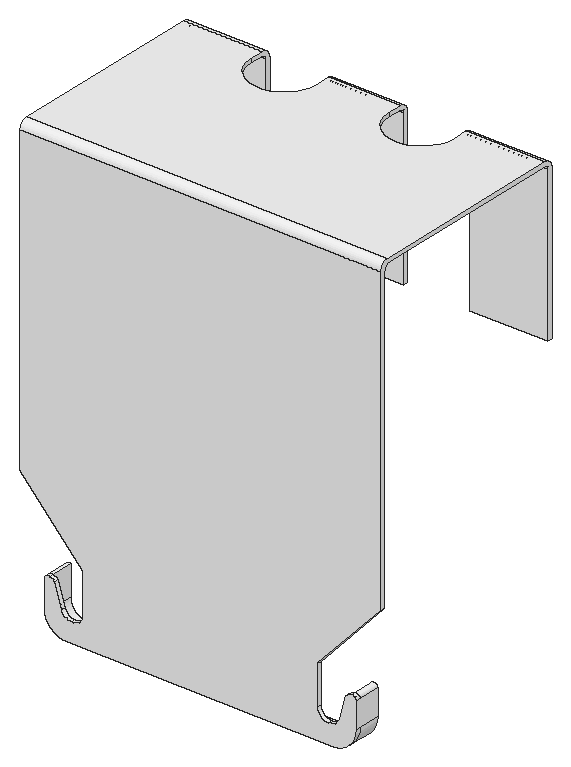
Revit family "特殊60mmWクリップ", category 機械設備, Revit 2020
Family settings
  丸型コネクタ寸法 = 直径を使用
  種別 = なし
  パーツ タイプ = 標準
  作業面ベース = いいえ
  常に垂直 = はい
  ロード時にボイドで切り取り = いいえ
  共有 = いいえ
  部屋計算ポイント = いいえ
Parameters
  製造元 = "株式会社桐井製作所"
  既定の高さ = 0 mm
  URL = "https://www.kirii.co.jp/"
  K_品名 = "特殊60mmWクリップ"
  K_名称 = "特殊クリップ"
  K_入数 = "300"
  K_バージョン情報 = "20211012"
Reference planes
  plane 1 "中心(正面/背面)": y = 0
  plane 2: z = 0
  plane 3 "中心(左/右)": x = 0
Forms (mm)
  Extrusion 1, solid
    sketch origin (0, 30, 0) x (0, 1, 0) y (0, 0, 1)
      loop
        line (-30, 0) -> (-29.4, -0.6) -> (-29.4, 66.75)
        arc (-29.4, 66.75) -> (-29.034, 67.634) -> (-28.15, 68) r 1.25
        line (-28.15, 68) -> (1.25, 68)
        arc (1.25, 68) -> (1.71, 67.81) -> (1.9, 67.35) r 0.65
        line (1.9, 67.35) -> (1.9, 43.25) -> (2.5, 43.85) -> (2.5, 67.35)
        arc (2.5, 67.35) -> (2.134, 68.234) -> (1.25, 68.6) r 1.25
        line (1.25, 68.6) -> (-28.75, 68.6)
        arc (-28.75, 68.6) -> (-29.634, 68.234) -> (-30, 67.35) r 1.25
        line (-30, 67.35) -> (-30, 0)
    from -27.5 to 27.5
  Extrusion 2, void
    sketch origin (0, 0, 0) x (1, 0, 0) y (0, 0, 1)
      loop
        line (-27.5, 21) -> (-27.5, 0) -> (-20.3, 0)
        arc (-20.3, 0) -> (-22.775, 1.025) -> (-23.8, 3.5) r 3.5
        line (-23.8, 3.5) -> (-23.8, 7.4)
        arc (-23.8, 7.4) -> (-23.549, 7.896) -> (-23, 7.986) r 0.614
        arc (-23, 7.986) -> (-22.571, 7.809) -> (-22.177, 7.562) r 2.75
        line (-22.177, 7.562) -> (-21.207, 4.096)
        arc (-21.207, 4.096) -> (-20.595, 3.252) -> (-19.581, 3.011) r 1.5
        arc (-19.581, 3.011) -> (-18.405, 3.377) -> (-17.9, 4.5) r 1.5
        line (-17.9, 4.5) -> (-17.9, 10.5) -> (-27.5, 21)
      loop
        line (27.5, 21) -> (17.9, 10.5) -> (17.9, 4.5)
        arc (17.9, 4.5) -> (18.405, 3.377) -> (19.581, 3.011) r 1.5
        arc (19.581, 3.011) -> (20.595, 3.252) -> (21.207, 4.096) r 1.5
        line (21.207, 4.096) -> (22.177, 7.562)
        arc (22.177, 7.562) -> (22.571, 7.809) -> (23, 7.986) r 2.75
        arc (23, 7.986) -> (23.549, 7.896) -> (23.8, 7.4) r 0.614
        line (23.8, 7.4) -> (23.8, 3.5)
        arc (23.8, 3.5) -> (22.775, 1.025) -> (20.3, 0) r 3.5
        line (20.3, 0) -> (27.5, 0) -> (27.5, 21)
    from -0.6 to 0.213
  Extrusion 3, void
    sketch origin (0, -0.6, -0.8) x (0, 1, 0) y (0, 0, 1)
      loop
        line (0.387, 0.8) -> (0.387, -0.064) -> (1.428, -0.064) -> (1.428, 0.8) -> (0.387, 0.8)
    from -27.5 to 27.5
  Extrusion 4, void
    sketch origin (0, 15.62, 24.105) x (0, 1, 0) y (0, 0, 1)
      loop
        line (15.7, 19.745) -> (15.7, 18.89) -> (16.88, 18.89) -> (16.88, 19.745) -> (15.7, 19.745)
    from -27.5 to 27.5
  Extrusion 5, void
    sketch origin (0, 0, 0) x (1, 0, 0) y (0, 1, 0)
      loop
        line (-15.5, 32.5) -> (-15.5, 29)
        arc (-15.5, 29) -> (-10.5, 24) -> (-5.5, 29) r 5
        line (-5.5, 29) -> (-5.5, 32.5) -> (-15.5, 32.5)
      loop
        line (5.5, 32.5) -> (5.5, 29)
        arc (5.5, 29) -> (10.5, 24) -> (15.5, 29) r 5
        line (15.5, 29) -> (15.5, 32.5) -> (5.5, 32.5)
    from 43.25 to 68.6
  Extrusion 6, solid
    sketch origin (0, 0, 0) x (1, 0, 0) y (0, 0, 1)
      loop
        arc (-23.8, 3.5) -> (-22.775, 1.025) -> (-20.3, 0) r 3.5
        line (-20.3, 0) -> (20.3, 0)
        arc (20.3, 0) -> (22.775, 1.025) -> (23.8, 3.5) r 3.5
        line (23.8, 3.5) -> (23.8, 7.4)
        arc (23.8, 7.4) -> (23.549, 7.896) -> (23, 7.986) r 0.614
        line (23, 7.986) -> (23, 3.5)
        arc (23, 3.5) -> (22.209, 1.591) -> (20.3, 0.8) r 2.7
        line (20.3, 0.8) -> (-20.3, 0.8)
        arc (-20.3, 0.8) -> (-22.209, 1.591) -> (-23, 3.5) r 2.7
        line (-23, 3.5) -> (-23, 7.986)
        arc (-23, 7.986) -> (-23.549, 7.896) -> (-23.8, 7.4) r 0.614
        line (-23.8, 7.4) -> (-23.8, 3.5)
    from -4 to -0.6
Cuts and joins
  Extrusion 2, Extrusion 3, Extrusion 4, Extrusion 5 cuts Extrusion 1
  joined: Extrusion 1, Extrusion 6
Dimensions and locks
  aligned and locked: level to plane 2
